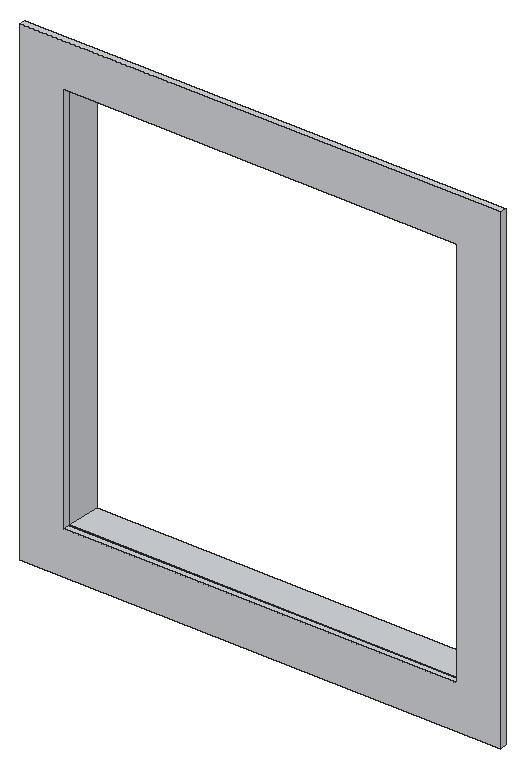
Revit family
Parameters
  URL = "http://www.anemostat.com"
  Opposed Blade Damper = no
  Model = "S Series Grille"
  Manufacturer = "Anemostat"
  Overall Width = Duct Width User Defined + 1 13/16"  # 13 13/16"
  Overall Height = Duct Height User Defined + 1 13/16"  # 13 13/16"
  Duct Width User Defined = 12"
  Duct Height User Defined = 12"
  Back of Grille = if(Opposed Blade Damper, 3 1/4", 1")  # 1"
Reference planes (in)
  plane 1 "Center (Front/Back)": y = 0
  plane 2: z = 0
  plane 3 "Center (Left/Right)": x = 0
  plane 4: x = -6.90625
  plane 5: x = 6.90625
  plane 6: z = 13.8125
  plane 7 "Back of Grille": y = 1
Forms (in)
  Sweep 1, solid
    path origin (0, 0, 0) x (1, 0, 0) y (0, 0, 1)
      loop
        line (6.90625, 0) -> (6.90625, 13.8125) -> (-6.90625, 13.8125) -> (-6.90625, 0) -> (6.90625, 0)
    profile origin (0, 0, 0) x (0, 0, -1) y (0, -1, 0)
      loop
        line (0, 0.188) -> (-1.25, 0.188) -> (-1.25, 0) -> (-1.219, 0) -> (-1.219, 0.157) -> (-0.031, 0.157) -> (-0.031, 0) -> (0, 0) -> (0, 0.188)
  Extrusion 2, solid
    sketch origin (0, 0, 0) x (1, 0, 0) y (0, 0, 1)
      loop
        line (5.68725, 12.5935) -> (-5.68725, 12.5935) -> (-5.68725, 1.219) -> (5.68725, 1.219) -> (5.68725, 12.5935)
    from 0 to -1 <- "Back of Grille"
  Extrusion 3, void
    sketch origin (0, 0, 0) x (1, 0, 0) y (0, 0, 1)
      loop
        line (5.65625, 12.5625) -> (-5.65625, 12.5625) -> (-5.65625, 1.25) -> (5.65625, 1.25) -> (5.65625, 12.5625)
    from 0 to -1 <- "Back of Grille"
Cuts and joins
  Extrusion 3 cuts Sweep 1
  Extrusion 3 cuts Extrusion 2
Dimensions and locks (in)
  equal spacing: plane 5, plane 3 "Center (Left/Right)", plane 4
  "Overall Width": plane 5 to plane 4
  "Overall Height": plane 6 to level
  "Back of Grille": plane 7 "Back of Grille" to plane 1 "Center (Front/Back)"
  aligned and locked: plane 5 to Sweep 1 sketch curve
  aligned and locked: level to Sweep 1 sketch curve
  aligned and locked: plane 6 to Sweep 1 sketch curve
  aligned and locked: plane 4 to Sweep 1 sketch curve
  aligned and locked: Sweep 1 to plane 1 "Center (Front/Back)"
  aligned and locked: Extrusion 2 sketch curve to Sweep 1  (x4)
  aligned and locked: Extrusion 2 to plane 7 "Back of Grille"
  aligned and locked: Extrusion 3 sketch curve to Sweep 1  (x3)
  aligned and locked: Sweep 1 to Extrusion 3 sketch curve
  aligned and locked: Extrusion 3 to plane 7 "Back of Grille"
Automatic sketch dimensions
  Sweep 1 sketch curve to plane 1 "Center (Front/Back)" = 0"  (x2)
  Sweep 1 sketch curve to profile plane = 0"
  profile plane to Sweep 1 sketch curve = 0.031"
  Sweep 1 sketch curve to Sweep 1 sketch curve = 1.188"
  Sweep 1 sketch curve to Sweep 1 sketch curve = 0.031"  (x2)
  Sweep 1 sketch curve to Sweep 1 sketch curve = 0.157"
Connectors (in)
  hvac at (0, 1, 6.90625), driven by "Duct Width User Defined", driven by "Duct Height User Defined"
    settings: on cut or joined group of Extrusion 2, Extrusion 3, index 1
